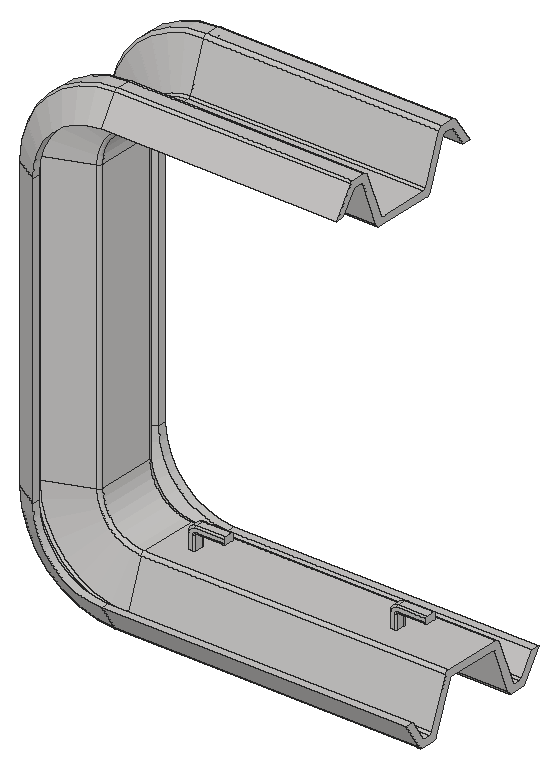
Revit family "E_Cable Tray Support_MEPcontent_OBO Bettermann_Bracket TPDG FT", category Cable Tray Fittings, Revit 2015
Parameters (values of type "TPDG 145 FT")
  Wholesaler Art. No. = ""
  Wholesaler = ""
  Watermarked By = "www.stabiplan.com"
  Width 1 = 145.00 mm
  Width = Width 1  # 145 mm
  URL = "www.stabiplan.com"
  Tray Height [instance] = 70.00 mm
  built-in parameter 1140111 [instance] = 2.50 mm  # 0.0082021 (stored number, unit not read)
  Stabu Code = ""
  Revit Version = "2015"  # constant formula
  MEPcontent Class = "CABLE_TRAY_SUPPORT"  # constant formula
  Internal Art. No. = ""
  IFCExportType = "NOTDEFINED"  # constant formula
  IFCExportAs = "IfcCableCarrierFittingType"  # constant formula
  Function Code [instance] = ""
  Family Version = "10.14"  # constant formula
  ETIM Article Class = ""
  EMCS Version = "2.0"  # constant formula
  Copyright = "© Stabiplan International BV"  # constant formula
  Content Supplier URL = ""
  CB-NL Class = ""
  Article Type = if(and(Width = 145.00 mm, Height = 175.00 mm), "TPDG 145 FT ", if(and(Width = 245.00 mm, Height = 175.00 mm), "TPDG 245 FT ", if(and(Width = 345.00 mm, Height = 175.00 mm), "TPDG 345 FT", "Unknown")))  # "TPDG 145 FT "
  Product Line = "OBO BETTERMANN CableTrays"  # constant formula
  Model = if(and(Width = 145.00 mm, Height = 175.00 mm), "TPDG 145 FT ", if(and(Width = 245.00 mm, Height = 175.00 mm), "TPDG 245 FT ", if(and(Width = 345.00 mm, Height = 175.00 mm), "TPDG 345 FT", "Unknown")))  # "TPDG 145 FT "
  Manufacturer = "OBO BETTERMANN"  # constant formula
  Custom [instance] = if(and(Width = 145.00 mm, Height = 175.00 mm), 1 = 0, if(and(Width = 245.00 mm, Height = 175.00 mm), 1 = 0, if(and(Width = 345.00 mm, Height = 175.00 mm), 1 = 0, 1 = 1)))  # no
  Half Tray Height [instance] = Tray Height / 2  # 35.00 mm
  Height 1 = 175.00 mm  # constant formula
  Height = Height 1  # 175 mm
  GTIN = if(and(Width = 145.00 mm, Height = 175.00 mm), "4012195076902", if(and(Width = 245.00 mm, Height = 175.00 mm), "4012195076919", if(and(Width = 345.00 mm, Height = 175.00 mm), "4012195076926", "Unknown")))  # "4012195076902"
  Description = "Wall and Ceiling Bracket"
  Depth = 60.00 mm  # constant formula
  Manufacturer URL = "http://catalog4.obo-bettermann.com/catalogue/catalogue.do?forward=showProductGroup&act=showIO&favOid=kts_144067&action=showManyProducts&lang=nl&OID=kts_144067&catId="
  Clip Distance = 73.00 mm
  Gray = Color RGB 189-187-185
  Manufacturer Art. No. = if(and(Width = 145.00 mm, Height = 175.00 mm), "6365977", if(and(Width = 245.00 mm, Height = 175.00 mm), "6365981", if(and(Width = 345.00 mm, Height = 175.00 mm), "6365985", "Unknown")))  # "6365977"
  Article Description = "Wall and Ceiling Bracket"
Types (3, lengths in mm): name | Width 1 | Width | Tray Height | Article Type | Model | Half Tray Height | GTIN | Clip Distance | Manufacturer Art. No.
  TPDG 145 FT | 145.00 | 145 | 70.00 | "TPDG 145 FT " | "TPDG 145 FT " | 35.00 | "4012195076902" | 73.00 | "6365977"
  TPDG 245 FT | 245.00 | 245 | 150.00 | "TPDG 245 FT " | "TPDG 245 FT " | 75.00 | "4012195076919" | 173.00 | "6365981"
  TPDG 345 FT | 345.00 | 345 | 110.00 | "TPDG 345 FT" | "TPDG 345 FT" | 55.00 | "4012195076926" | 273.00 | "6365985"
Reference planes
  plane 1 "Center (Front/Back)": y = 0
  plane 2: z = 0
  plane 3 "Center (Left/Right)": x = 0
  plane 4: z = 120
  plane 5: z = -55
  plane 6: y = 30
  plane 7: y = -30
  plane 8: x = 52.5
  plane 9: x = -72.5
  plane 10: x = 47.5
  plane 11: x = 72.5
  plane 12: z = 100
  plane 13: x = -52.5
  plane 14: z = -35
  plane 15: z = 110
  plane 16: x = -62.5
  plane 17: z = -45
  plane 18: y = -10
  plane 19: y = 10
  plane 20: y = -23.34
  plane 21: y = -16.67
  plane 22: y = 23.34
  plane 23: y = 16.67
  plane 24: y = 12.5
  plane 25: y = -12.5
  plane 26: x = 45.5
  plane 27: x = -27.5
Forms (mm)
  Sweep 1, solid, material "Color RGB 189-187-185" <- "Gray", detail levels medium+fine
    path origin (0, 0, 0) x (1, 0, 0) y (0, 0, 1)
      loop
        line (47.5, 110) -> (-37.5, 110)
        arc (-37.5, 110) -> (-55.178, 102.678) -> (-62.5, 85) r 25
        line (-62.5, 85) -> (-62.5, -20)
        arc (-62.5, -20) -> (-55.178, -37.678) -> (-37.5, -45) r 25
        line (-37.5, -45) -> (72.5, -45)
    profile origin (5, 0, 110) x (0, 0, -1) y (0, -1, 0)
      loop
        line (0, -26.996) -> (-7.054, -22.298)
        arc (-7.054, -22.298) -> (-7.382, -21.938) -> (-7.5, -21.466) r 1
        line (-7.5, -21.466) -> (-7.5, -19.082)
        arc (-7.5, -19.082) -> (-7.323, -18.514) -> (-6.856, -18.147) r 1
        line (-6.856, -18.147) -> (9.034, -12.091)
        arc (9.034, -12.091) -> (9.735, -11.54) -> (10, -10.689) r 1.5
        line (10, -10.689) -> (10, 10.689)
        arc (10, 10.689) -> (9.735, 11.54) -> (9.034, 12.091) r 1.5
        line (9.034, 12.091) -> (-6.856, 18.147)
        arc (-6.856, 18.147) -> (-7.323, 18.514) -> (-7.5, 19.082) r 1
        line (-7.5, 19.082) -> (-7.5, 21.466)
        arc (-7.5, 21.466) -> (-7.382, 21.938) -> (-7.054, 22.298) r 1
        line (-7.054, 22.298) -> (0, 26.996) -> (0, 30) -> (-9.331, 23.785)
        arc (-9.331, 23.785) -> (-9.822, 23.245) -> (-10, 22.537) r 1.5
        line (-10, 22.537) -> (-10, 17.704)
        arc (-10, 17.704) -> (-9.735, 16.852) -> (-9.034, 16.302) r 1.5
        line (-9.034, 16.302) -> (6.856, 10.245)
        arc (6.856, 10.245) -> (7.323, 9.878) -> (7.5, 9.311) r 1
        line (7.5, 9.311) -> (7.5, -9.311)
        arc (7.5, -9.311) -> (7.323, -9.878) -> (6.856, -10.245) r 1
        line (6.856, -10.245) -> (-9.034, -16.302)
        arc (-9.034, -16.302) -> (-9.735, -16.852) -> (-10, -17.704) r 1.5
        line (-10, -17.704) -> (-10, -22.537)
        arc (-10, -22.537) -> (-9.822, -23.245) -> (-9.331, -23.785) r 1.5
        line (-9.331, -23.785) -> (0, -30) -> (0, -26.996)
  Sweep 2, solid, material "Color RGB 189-187-185" <- "Gray", detail levels medium+fine
    path in 3D
      loop
        line (-27.5, 0, -37.464) -> (-27.5, 0, -29.67)
        arc (-27.5, 0, -29.67) -> (-27.061, 0, -28.609) -> (-26, 0, -28.17) r 1.5
        line (-26, 0, -28.17) -> (-15.5, 0, -28.17)
    profile origin (-20.75, 0, -28.17) x (0, 0, 1) y (0, -1, 0)
      loop
        line (1.25, -1.5) -> (1.25, 1.5)
        arc (1.25, 1.5) -> (1.104, 1.854) -> (0.75, 2) r 0.5
        line (0.75, 2) -> (-0.75, 2)
        arc (-0.75, 2) -> (-1.104, 1.854) -> (-1.25, 1.5) r 0.5
        line (-1.25, 1.5) -> (-1.25, -1.5)
        arc (-1.25, -1.5) -> (-1.104, -1.854) -> (-0.75, -2) r 0.5
        line (-0.75, -2) -> (0.75, -2)
        arc (0.75, -2) -> (1.104, -1.854) -> (1.25, -1.5) r 0.5
  Sweep 3, solid, material "Color RGB 189-187-185" <- "Gray", detail levels medium+fine
    path in 3D
      loop
        line (45.5, 0, -37.464) -> (45.5, 0, -29.67)
        arc (45.5, 0, -29.67) -> (45.939, 0, -28.609) -> (47, 0, -28.17) r 1.5
        line (47, 0, -28.17) -> (57.5, 0, -28.17)
    profile origin (52.25, 0, -28.17) x (0, 0, 1) y (0, -1, 0)
      loop
        line (1.25, -1.5) -> (1.25, 1.5)
        arc (1.25, 1.5) -> (1.104, 1.854) -> (0.75, 2) r 0.5
        line (0.75, 2) -> (-0.75, 2)
        arc (-0.75, 2) -> (-1.104, 1.854) -> (-1.25, 1.5) r 0.5
        line (-1.25, 1.5) -> (-1.25, -1.5)
        arc (-1.25, -1.5) -> (-1.104, -1.854) -> (-0.75, -2) r 0.5
        line (-0.75, -2) -> (0.75, -2)
        arc (0.75, -2) -> (1.104, -1.854) -> (1.25, -1.5) r 0.5
Cuts and joins
  joined: Sweep 1, Sweep 2, Sweep 3
Lines and regions (mm)
  model lines, style "Fittings", detail levels coarse
    curve 1: line (47.5, 0, 110) -> (-62.5, 0, 110)
    curve 2: line (72.5, 0, -45) -> (-62.5, 0, -45)
    curve 3: line (-62.5, 0, 110) -> (-62.5, 0, -45)
  reference lines
    curve 4: line (-27.5, 0, -37.464) -> (-27.5, 0, -29.67)
    curve 5: line (-26, 0, -28.17) -> (-15.5, 0, -28.17)
    curve 6: arc (-27.5, 0, -29.67) -> (-27.061, 0, -28.609) -> (-26, 0, -28.17) r 1.5
    curve 10: line (45.5, 0, -37.464) -> (45.5, 0, -29.67)
    curve 11: line (47, 0, -28.17) -> (57.5, 0, -28.17)
    curve 12: arc (45.5, 0, -29.67) -> (45.939, 0, -28.609) -> (47, 0, -28.17) r 1.5
  sketch lines
    curve 7: line (-26, 0, -28.17) -> (-15.5, 0, -28.17)
    curve 8: arc (-27.5, 0, -29.67) -> (-27.061, 0, -28.609) -> (-26, 0, -28.17) r 1.5
    curve 9: line (-27.5, 0, -37.464) -> (-27.5, 0, -29.67)
    curve 13: line (47, 0, -28.17) -> (57.5, 0, -28.17)
    curve 14: arc (45.5, 0, -29.67) -> (45.939, 0, -28.609) -> (47, 0, -28.17) r 1.5
    curve 15: line (45.5, 0, -37.464) -> (45.5, 0, -29.67)
Dimensions and locks
  equal spacing: plane 6, plane 1 "Center (Front/Back)", plane 7
  "Depth": plane 6 to plane 7
  "Height": plane 4 to plane 5
  locked: plane 9 to plane 10 at 120
  equal spacing: plane 9, plane 3 "Center (Left/Right)", plane 11
  "Width": plane 9 to plane 11
  locked: plane 4 to plane 12 at 20
  locked: plane 9 to plane 13 at 20
  locked: plane 14 to plane 5 at 20
  equal spacing: plane 4, plane 15, plane 12
  equal spacing: plane 9, plane 16, plane 13
  equal spacing: plane 14, plane 17, plane 5
  equal spacing: plane 18, profile plane, plane 19
  locked: plane 18 to plane 19 at 20
  locked: plane 21 to plane 18 at 6.67
  equal spacing: plane 20, plane 21, plane 18
  plane 20 to plane 21 = 6.67 mm
  plane 22 to plane 23 = 6.67 mm
  equal spacing: plane 19, plane 23, plane 22
  plane 19 to plane 23 = 6.67 mm
  locked: plane 11 to plane 26 at 27
  "Clip Distance": plane 26 to plane 27
  plane 11 to plane 27 = 100.00 mm
  equal spacing: Sweep 2 sketch curve, profile plane, Sweep 2 sketch curve  (x2)
  "Half Tray Height": level to plane 14
  equal spacing: Sweep 3 sketch curve, profile plane, Sweep 3 sketch curve  (x2)
  radius of Sweep 1 sketch curve = 25.00 mm  (x2)
  radius of Sweep 1 sketch curve = 1.50 mm  (x7)
  radius of Sweep 1 sketch curve = 1.00 mm  (x6)
  aligned and locked: level to plane 2
  aligned and locked: plane 16 to curve 1
  aligned and locked: plane 15 to curve 3
  aligned and locked: plane 10 to curve 1
  aligned and locked: plane 17 to curve 3
  aligned and locked: plane 16 to curve 2
  aligned and locked: plane 11 to curve 2
  aligned and locked: plane 7 to Sweep 1 sketch curve
  aligned and locked: curve 4 to curve 6
  aligned and locked: plane 27 to curve 4
  aligned and locked: curve 10 to curve 12
  aligned and locked: plane 26 to curve 10
Automatic sketch dimensions
  Sweep 1 sketch curve to plane 16 = 0.00 mm
  Sweep 1 sketch curve to plane 10 = 0.00 mm
  Sweep 1 sketch curve to plane 11 = 0.00 mm
  Sweep 1 sketch curve to plane 17 = 0.00 mm
  Sweep 1 sketch curve to plane 15 = 0.00 mm
  Sweep 1 sketch curve to profile plane = 0.00 mm  (x2)
  Sweep 1 sketch curve to plane 21 = 2.412 mm
  profile plane to Sweep 1 sketch curve = 6.50 mm  (x2)
  Sweep 1 sketch curve to plane 23 = 2.412 mm
  Sweep 1 sketch curve to Sweep 1 sketch curve = 0.356 mm  (x2)
  Sweep 1 sketch curve to plane 23 = 1.477 mm
  Sweep 1 sketch curve to Sweep 1 sketch curve = 0.446 mm  (x2)
  Sweep 1 sketch curve to Sweep 1 sketch curve = 1.446 mm
  Sweep 1 sketch curve to Sweep 1 sketch curve = 1.00 mm
  plane 21 to Sweep 1 sketch curve = 0.368 mm
  Sweep 1 sketch curve to Sweep 1 sketch curve = 0.534 mm  (x3)
  plane 23 to Sweep 1 sketch curve = 0.368 mm
  Sweep 1 sketch curve to plane 22 = 0.445 mm
  Sweep 1 sketch curve to Sweep 1 sketch curve = 0.669 mm  (x2)
  Sweep 1 sketch curve to plane 20 = 0.445 mm
  plane 19 to Sweep 1 sketch curve = 0.689 mm
  Sweep 1 sketch curve to profile plane = 6.50 mm
  Sweep 1 sketch curve to plane 18 = 0.245 mm
  Sweep 1 sketch curve to plane 19 = 0.245 mm
  Sweep 1 sketch curve to plane 19 = 0.689 mm
  Sweep 1 sketch curve to Sweep 1 sketch curve = 1.644 mm
  Sweep 1 sketch curve to plane 25 = 0.409 mm
  Sweep 1 sketch curve to plane 24 = 0.409 mm
  Sweep 1 sketch curve to plane 22 = 3.656 mm
  Sweep 1 sketch curve to Sweep 1 sketch curve = 3.004 mm  (x2)
  plane 22 to Sweep 1 sketch curve = 1.042 mm
  plane 20 to Sweep 1 sketch curve = 1.874 mm
  plane 27 to curve 6 = 1.50 mm
  curve 5 to curve 5 = 10.50 mm
  plane 26 to curve 12 = 1.50 mm
  curve 11 to curve 11 = 10.50 mm
  curve 4 to plane 14 = 2.464 mm
  curve 10 to plane 14 = 2.464 mm
  plane 14 to curve 10 = 5.33 mm
  plane 14 to curve 6 = 5.33 mm
  profile plane to Sweep 2 sketch curve = 1.25 mm
  Sweep 2 sketch curve to Sweep 2 sketch curve = 0.50 mm  (x4)
  Sweep 2 sketch curve to profile plane = 2.00 mm
  profile plane to Sweep 3 sketch curve = 1.25 mm
  Sweep 3 sketch curve to Sweep 3 sketch curve = 0.50 mm  (x4)
  Sweep 3 sketch curve to profile plane = 2.00 mm
